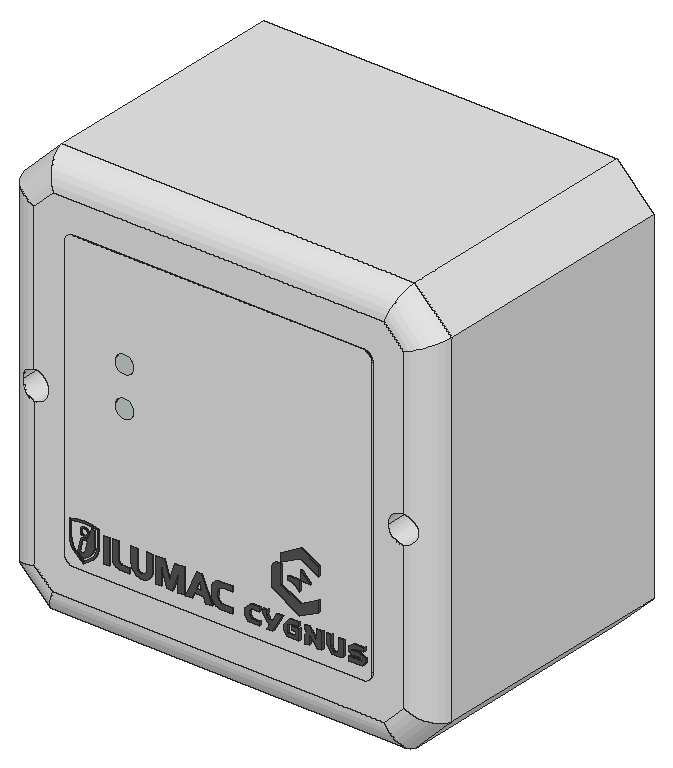
Revit family "Módulo de Entrada Endereçável Cygnus MZE-G ILUMAC", category Dispositivos de alarme de incêndio, Revit 2022
Family settings
  Cota do conector redondo = Utilizar diâmetro
  Tipo de parte = Normal
  Número OmniClass = 23.80.30.11.17
  Título OmniClass = Distribution Boards and Control Panels
  Com base no plano de trabalho = Não
  Sempre na vertical = Sim
  Corte com vazios quando carregada = Não
  Manter orientação da anotação = Não
  Compartilhado = Não
  Ponto de cálculo do ambiente = Não
Parameters (values of type "MZE-G")
  Umidade relativa = "0 à 95% (sem condensação)"
  Tipo de saída = "1 saída contato seco pulso SPDT-NA\r\n1 saída contato seco pulso SPDT-NF"
  Tipo de entrada = "1 laço (zona) supervisionado em Classe B"
  Tensão nominal = "24Vcc"
  Tensão de operação = "20 a 30Vcc"
  Temperatura de operação = "-5 à 55oC"
  Secção máxima do cabo = "2,5mm²"
  Resistor de final de linha (RFL) = "10KΩ"
  Quant. de dispositivos na entrada = "Até 20 dispositivos convencionais ILUMAC\r\nlimitado à corrente de 2mA total em supervisão**"
  Protocolo de comunicação = "CYGNUS (proprietário)"
  Peso = "130g"
  Normas técnicas aplicáveis = "NBR 17240 | ISO 7240-18 | BS 5839"
  Modelo = "MZE-G"
  Material da caixa = "Caixa plástica ABS na cor branco"
  Limitações da saída = "Tensão máxima 30V @ 500mA\r\n(carga resistiva CA/CC)"
  Grau de proteção = "IP42 (à prova de respingo d’água)"
  Fixação = "Base de sobrepor com entrada para tubo 3/4\""
  Família desenvolvida por = "BIMPREV | @bimprev | suporte@bimprev.com"
  Fabricante = "ILUMAC"
  Endereços utilizados = "1 endereço"
  Endereços programáveis = "001 à 125 (por laço)"
  Elevação padrão = 0 mm
  Dimensões (AxLxP) = "90x90x55mm"
  Descrição = "Módulo de Entrada Endereçável Cygnus MZE-G"
  Código do Produto = "007050"
  Consumo da fonte auxiliar ou V+ = "4,5mA em alarme sem dispositivo*"
  Consumo = "800uA em supervisão | 400uA em alarme"
Reference planes
  plane 1 "Centro (Frente/Trás)": y = 0
  plane 2: z = 0
  plane 3 "Centro (Esquerda/Direita)": x = 0
Forms (mm)
  Extrusion 1, solid, material "Plastico Modulo"
    sketch origin (3.777, -23.215, 42) x (0, 0, 1) y (-1, 0, 0)
      loop
        line (-29.076, 36.865) -> (-29.076, -29.311) -> (34.675, -29.311) -> (34.675, 36.865) -> (-29.076, 36.865)
    from -23.215 to 36.222
  Sweep 2, solid, material "Plastico Modulo"
    path origin (-1, -60, 44.587) x (0, 0, -1) y (1, 0, 0)
      loop
        line (37.012, 47) -> (-37, 47) -> (-45, 39) -> (-45, -37) -> (-37, -45) -> (37.012, -45) -> (44.642, -37.37) -> (44.642, 39.37) -> (37.012, 47)
    profile origin (46, -60, 44.581) x (-1, 0, 0) y (0, -1, 0)
      loop
        line (12.912, -0.563) -> (6.245, -0.563)
        arc (6.245, -0.563) -> (2.205, -2.033) -> (0.055, -5.756) r 6.285
        line (0.055, -5.756) -> (0.055, -60) -> (12.912, -60) -> (12.912, -0.563)
  Extrusion 3, void
    sketch origin (3.777, 2.235, 42) x (0, 0, 1) y (-1, 0, 0)
      loop
        circle (2.799, -35.436) r 3
      loop
        circle (13.638, 23.827) r 2
      loop
        circle (2.799, 42.99) r 3
      loop
        circle (5.111, 23.827) r 2
    from 31.343 to 61.672
  Extrusion 4, solid, material "Vidro, Verde"
    sketch origin (-35, 0, 0) x (-1, 0, 0) y (0, 0, 1)
      loop
        circle (-14.95, 55.638) r 2
      loop
        circle (-14.95, 47.111) r 2
    from -59.644 to -57.828
  Extrusion 5, solid, material "FrenteMódulo"
    sketch origin (0, 0, 0) x (1, 0, 0) y (0, 0, 1)
      loop
        arc (-33.088, 14.874) -> (-32.497, 13.448) -> (-31.071, 12.857) r 2.017
        line (-31.071, 12.857) -> (31.113, 12.857)
        arc (31.113, 12.857) -> (32.51, 13.435) -> (33.088, 14.832) r 1.975
        line (33.088, 14.832) -> (33.088, 74.672)
        arc (33.088, 74.672) -> (32.501, 76.089) -> (31.085, 76.675) r 2.003
        line (31.085, 76.675) -> (-31.083, 76.675)
        arc (-31.083, 76.675) -> (-32.501, 76.088) -> (-33.088, 74.67) r 2.005
        line (-33.088, 74.67) -> (-33.088, 14.874)
    from 58.403 to 59.605
  Extrusion 6, void
    sketch origin (0, 0, 0) x (1, 0, 0) y (0, 0, 1)
      loop
        circle (-39.549, 44.772) r 3.031
      loop
        circle (39.549, 44.772) r 3.031
    from 45.916 to 61.745
  Extrusion 7, solid, material "PLASTICO PRETO"
    sketch origin (0, 0, 0) x (1, 0, 0) y (0, 0, 1)
      loop
        circle (-39.549, 44.772) r 3.031
      loop
        circle (39.549, 44.772) r 3.031
    from 45.916 to 47.617
  Extrusion 8, solid, material "PLASTICO PRETO"
    sketch origin (-85.144, 0, -121.636) x (-1, 0, 0) y (0, 0, -1)
      loop
        line (-60.576, -142.796) -> (-60.576, -137.413) -> (-61.904, -137.413) -> (-61.904, -142.796) -> (-60.576, -142.796)
      loop
        line (-62.457, -142.796) -> (-62.457, -139.056)
        arc (-62.457, -139.056) -> (-62.939, -137.894) -> (-64.101, -137.413) r 1.644
        line (-64.101, -137.413) -> (-66.179, -137.413) -> (-66.179, -138.565) -> (-64.49, -138.565)
        arc (-64.49, -138.565) -> (-63.991, -138.772) -> (-63.785, -139.27) r 0.705
        line (-63.785, -139.27) -> (-63.785, -142.796) -> (-62.457, -142.796)
      loop
        line (-66.454, -142.796) -> (-66.454, -139.616)
        arc (-66.454, -139.616) -> (-68.812, -137.258) -> (-71.17, -139.616) r 2.358
        line (-71.17, -139.616) -> (-71.17, -142.796) -> (-69.842, -142.796) -> (-69.842, -139.392)
        arc (-69.842, -139.392) -> (-68.812, -138.362) -> (-67.781, -139.392) r 1.03
        line (-67.781, -139.392) -> (-67.781, -142.796) -> (-66.454, -142.796)
      loop
        line (-71.724, -137.413) -> (-73.051, -137.413) -> (-73.051, -140.848) -> (-74.167, -137.413) -> (-75.507, -137.413) -> (-76.578, -140.717) -> (-76.578, -137.413) -> (-77.904, -137.413) -> (-77.904, -142.796) -> (-75.913, -142.796) -> (-74.79, -139.333) -> (-73.664, -142.796) -> (-71.724, -142.796) -> (-71.724, -137.413)
      loop
        line (-78.252, -137.413) -> (-79.626, -137.413) -> (-80.111, -138.565) -> (-82.046, -138.565) -> (-82.532, -137.413) -> (-83.935, -137.413) -> (-81.666, -142.796) -> (-80.518, -142.796) -> (-78.252, -137.413)
      loop
        line (-80.526, -139.55) -> (-81.631, -139.55) -> (-81.15, -141.031) -> (-80.526, -139.55)
      loop
        arc (-85.789, -142.796) -> (-84.331, -142.192) -> (-83.727, -140.734) r 2.061
        line (-83.727, -140.734) -> (-83.727, -139.522)
        arc (-83.727, -139.522) -> (-84.345, -138.031) -> (-85.837, -137.413) r 2.109
        line (-85.837, -137.413) -> (-88.228, -137.413) -> (-88.228, -138.565) -> (-86.183, -138.565)
        arc (-86.183, -138.565) -> (-85.468, -138.861) -> (-85.172, -139.576) r 1.011
        line (-85.172, -139.576) -> (-85.172, -140.604)
        arc (-85.172, -140.604) -> (-85.482, -141.35) -> (-86.228, -141.659) r 1.055
        line (-86.228, -141.659) -> (-88.228, -141.659) -> (-88.228, -142.796) -> (-85.789, -142.796)
    from 58.403 to 59.633
  Extrusion 9, solid, material "PLASTICO PRETO"
    sketch origin (-28.97, 0, -16.036) x (-1, 0, 0) y (0, 0, -1)
      loop
        arc (-1.622, -31.306) -> (-2.841, -32.675) -> (-3.289, -34.452) r 3.855
        line (-3.289, -34.452) -> (-3.315, -37.914)
        arc (-3.315, -37.914) -> (-1.768, -38.363) -> (-0.165, -38.518) r 8.647
        arc (-0.165, -38.518) -> (1.438, -38.362) -> (2.984, -37.912) r 8.647
        line (2.984, -37.912) -> (2.958, -34.685)
        arc (2.958, -34.685) -> (2.456, -32.701) -> (1.094, -31.172) r 4.307
        line (1.094, -31.172) -> (-0.168, -30.304) -> (-1.622, -31.306)
      loop
        circle (-0.25, -36.39) r 0.7
      loop
        arc (-0.049, -35.179) -> (0.328, -35.047) -> (0.539, -34.707) r 0.602
        line (0.539, -34.707) -> (1.106, -32.152) -> (-0.167, -31.275) -> (-1.168, -31.965)
        arc (-1.168, -31.965) -> (-2.134, -33.05) -> (-2.489, -34.458) r 3.055
        line (-2.489, -34.458) -> (-2.511, -37.351)
        arc (-2.511, -37.351) -> (-2.131, -37.461) -> (-1.746, -37.552) r 7.847
        line (-1.746, -37.552) -> (-0.975, -35.178) -> (-0.049, -35.179)
      loop
        line (0.924, -31.419) -> (-0.168, -30.668) -> (-1.452, -31.553)
        arc (-1.452, -31.553) -> (-2.576, -32.816) -> (-2.989, -34.454) r 3.555
        line (-2.989, -34.454) -> (-3.014, -37.708)
        arc (-3.014, -37.708) -> (-1.612, -38.087) -> (-0.165, -38.218) r 8.347
        arc (-0.165, -38.218) -> (1.281, -38.086) -> (2.683, -37.706) r 8.347
        line (2.683, -37.706) -> (2.658, -34.688)
        arc (2.658, -34.688) -> (2.191, -32.841) -> (0.924, -31.419) r 4.007
      loop
        circle (-0.25, -36.39) r 0.9
      loop
        line (0.194, -34.89) -> (0.794, -32.188) -> (-0.342, -32.188) -> (-0.941, -34.89) -> (0.194, -34.89)
    from 58.403 to 59.633
  Extrusion 10, solid, material "PLASTICO PRETO"
    sketch origin (-309.901, 150, -151.861) x (-1, 0, 0) y (0, 0, 1)
      loop
        line (-319.017, 171.204) -> (-319.017, 170.333) -> (-317.449, 170.333) -> (-316.876, 169.76) -> (-316.876, 168.964) -> (-317.436, 168.404) -> (-319.017, 168.404) -> (-319.017, 167.595) -> (-316.478, 167.595) -> (-315.909, 168.58) -> (-315.909, 169.931) -> (-317.182, 171.204) -> (-319.017, 171.204)
      loop
        line (-319.852, 171.204) -> (-320.686, 171.204) -> (-320.686, 170.333) -> (-321.124, 169.573) -> (-321.909, 169.573) -> (-322.85, 171.204) -> (-323.981, 171.204) -> (-321.898, 167.595) -> (-320.686, 167.595) -> (-321.288, 168.638) -> (-320.602, 169.034) -> (-319.852, 170.333) -> (-319.852, 171.204)
      loop
        line (-327.411, 171.204) -> (-327.411, 170.358) -> (-326.057, 170.358) -> (-325.169, 169.845) -> (-325.169, 168.358) -> (-326.836, 168.358) -> (-326.836, 169.16) -> (-326.008, 169.16) -> (-326.008, 169.964) -> (-327.57, 169.964) -> (-327.57, 167.595) -> (-324.889, 167.595) -> (-324.286, 168.638) -> (-324.286, 169.68) -> (-325.595, 171.204) -> (-327.411, 171.204)
      loop
        line (-328.742, 167.595) -> (-328.742, 169.213) -> (-329.314, 169.786) -> (-328.742, 170.358) -> (-328.742, 171.204) -> (-329.541, 171.204) -> (-331.318, 169.16) -> (-331.318, 171.204) -> (-332.513, 171.204) -> (-332.513, 167.595) -> (-331.669, 167.595) -> (-329.75, 169.514) -> (-329.75, 167.595) -> (-328.742, 167.595)
      loop
        line (-333.474, 171.204) -> (-334.476, 171.204) -> (-334.476, 169.16) -> (-334.918, 168.211) -> (-335.77, 168.211) -> (-336.167, 168.9) -> (-336.167, 171.204) -> (-337.086, 171.204) -> (-337.086, 167.979) -> (-336.262, 167.595) -> (-334.513, 167.595) -> (-333.474, 169.078) -> (-333.474, 171.204)
      loop
        line (-341.548, 171.204) -> (-341.548, 170.389) -> (-339.474, 170.389) -> (-338.763, 169.891) -> (-340.718, 169.891) -> (-341.805, 169.264) -> (-341.805, 168.433) -> (-341.321, 167.595) -> (-338.264, 167.595) -> (-338.264, 168.604) -> (-340.992, 168.604) -> (-340.304, 169.001) -> (-338.84, 169.001) -> (-338.264, 169.578) -> (-338.264, 170.389) -> (-339.427, 171.204) -> (-341.548, 171.204)
    from -209.92 to -208.97
  Extrusion 11, solid, material "PLASTICO PRETO"
    sketch origin (-292.852, 150, -141.24) x (-1, 0, 0) y (0, 0, 1)
      loop
        line (-310.717, 161.971) -> (-304.655, 165.339) -> (-304.655, 169.136)
        arc (-304.655, 169.136) -> (-305.257, 170.285) -> (-306.545, 170.442) r 1.396
        line (-306.545, 170.442) -> (-306.545, 166.394) -> (-310.799, 164.319) -> (-314.71, 166.434) -> (-314.71, 163.918) -> (-310.717, 161.971)
      loop
        line (-306.623, 170.841) -> (-306.623, 172.551) -> (-310.871, 175.004) -> (-314.71, 172.833) -> (-314.71, 170.829) -> (-310.954, 172.953) -> (-306.623, 170.841)
      loop
        line (-312.917, 168.767) -> (-310.796, 168.767) -> (-310.796, 170.889) -> (-312.917, 168.767)
      loop
        line (-310.644, 168.777) -> (-310.644, 166.45)
        arc (-310.644, 166.45) -> (-309.548, 167.448) -> (-308.166, 167.983) r 4.044
        line (-308.166, 167.983) -> (-308.166, 168.777) -> (-310.644, 168.777)
    from -209.92 to -208.97
Cuts and joins
  Extrusion 3 cuts Extrusion 5
  Extrusion 6 cuts Extrusion 1
  Extrusion 6 cuts Sweep 2
  joined: Extrusion 1, Sweep 2
Dimensions and locks
  aligned and locked: level to plane 2
